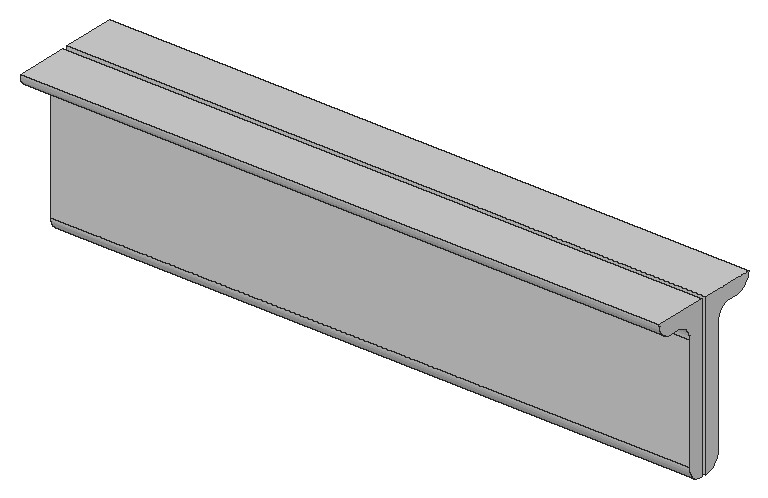
Revit family "56c070b98b2d4c0d804457c9f6880bf3", category Structural Framing, Revit 2021
Family settings
  Structural Framing Length Roundoff = 0' - 0"
  Section Shape = Not Defined
  Material for Model Behavior = Steel
  Always export as geometry = No
  OmniClass Number = 23.25.30.11.14.14
  OmniClass Title = Beams
  Seek Item ID = LL-Double Angle-0000-USA-ENU
  Always vertical = Yes
  Cut with Voids When Loaded = No
  Symbolic Representation = From Project Settings
  Shared = No
  Show family pre-cut in plan views = Yes
Parameters (values of type "2L8X4X1/2LLBB")
  W = 39.5
  Structural Material [instance] = Steel ASTM A36
  Assembly Code = "B10"
  Legs = "LLBB"
  Length [instance] = 5' - 0"
  Space = 0' - 0 3/8"
  b = 0' - 4"
  d = 1' - 0"
  t = 0' - 1 1/8"
  y = 0' - 2 51/128"
  A = 11.60 in²
Types (2): name | W | Legs | Space | b | d | t | y | A
  2L8X8X1 | 103 | "Equal" | 0' - 0" | 0' - 8" | 0' - 8" | 0' - 1" | 0' - 2 23/64" | 30.20 in²
  2L8X4X1/2LLBB | 39.5 | "LLBB" | 0' - 0 3/8" | 0' - 4" | 1' - 0" | 0' - 1 1/8" | 0' - 2 51/128" | 11.60 in²
Reference planes (in)
  plane 1 "Center (Front/Back)": y = 0
  plane 2: z = 0
  plane 3 "Center (Left/Right)": x = 0.1815
  plane 4 "Member Left": x = -23.8185
  plane 5 "Member Right": x = 24.1815
  plane 6: y = 4.1875
  plane 7: y = -4.1875
  plane 8 "Top": z = 2.39844
  plane 9: z = -9.60156
  plane 10: y = 0.1875
  plane 11: y = -0.1875
  plane 12 "Left": x = -29.8185
  plane 13 "Right": x = 30.1815
Forms (in)
  Sweep 1, solid, material "Steel ASTM A36" <- "Structural Material", detail levels fine
    path origin (0, 0, 0) x (1, 0, 0) y (0, 1, 0)
      loop
        line (24.1815, 0) -> (-23.8185, 0)
    profile "2L-Angle-Profile-Fine : 2L-Angle-Profile-Fine" origin (0.1815, 0, 0) x (0, -1, 0) y (0, 0, 1)
      loop
        arc (0.1875, -9.60156) -> (0.983, -9.27206) -> (1.3125, -8.47656) r 1.125
        line (1.3125, -8.47656) -> (1.3125, 0.14844)
        arc (1.3125, 0.14844) -> (1.642, 0.94393) -> (2.4375, 1.27344) r 1.125
        line (2.4375, 1.27344) -> (3.0625, 1.27344)
        arc (3.0625, 1.27344) -> (3.858, 1.60294) -> (4.1875, 2.39844) r 1.125
        line (4.1875, 2.39844) -> (0.1875, 2.39844) -> (0.1875, -9.60156)
  Sweep 2, solid, material "Steel ASTM A36" <- "Structural Material", detail levels fine
    path origin (0, 0, 0) x (1, 0, 0) y (0, 1, 0)
      loop
        line (24.1815, 0) -> (-23.8185, 0)
    profile "2L-Angle-Profile-Fine : 2L-Angle-Profile-Fine" origin (0.1815, 0, 0) x (0, -1, 0) y (0, 0, 1)
      loop
        line (-0.1875, -9.60156) -> (-0.1875, 2.39844) -> (-4.1875, 2.39844)
        arc (-4.1875, 2.39844) -> (-3.858, 1.60294) -> (-3.0625, 1.27344) r 1.125
        line (-3.0625, 1.27344) -> (-2.4375, 1.27344)
        arc (-2.4375, 1.27344) -> (-1.642, 0.94393) -> (-1.3125, 0.14844) r 1.125
        line (-1.3125, 0.14844) -> (-1.3125, -8.47656)
        arc (-1.3125, -8.47656) -> (-0.983, -9.27206) -> (-0.1875, -9.60156) r 1.125
  Sweep 3, solid, material "Steel ASTM A36" <- "Structural Material", detail levels medium
    path origin (0, 0, 0) x (1, 0, 0) y (0, 1, 0)
      loop
        line (24.1815, 0) -> (-23.8185, 0)
    profile "2L-Angle-Profile-Medium : 2L-Angle-Profile-Medium" origin (0.1815, 0, 0) x (0, -1, 0) y (0, 0, 1)
      loop
        line (0.1875, -9.60156) -> (1.3125, -9.60156) -> (1.3125, 1.27344) -> (4.1875, 1.27344) -> (4.1875, 2.39844) -> (0.1875, 2.39844) -> (0.1875, -9.60156)
  Sweep 4, solid, material "Steel ASTM A36" <- "Structural Material", detail levels medium
    path origin (0, 0, 0) x (1, 0, 0) y (0, 1, 0)
      loop
        line (24.1815, 0) -> (-23.8185, 0)
    profile "2L-Angle-Profile-Medium : 2L-Angle-Profile-Medium" origin (0.1815, 0, 0) x (0, -1, 0) y (0, 0, 1)
      loop
        line (-0.1875, -9.60156) -> (-0.1875, 2.39844) -> (-4.1875, 2.39844) -> (-4.1875, 1.27344) -> (-1.3125, 1.27344) -> (-1.3125, -9.60156) -> (-0.1875, -9.60156)
Lines and regions (in)
  symbolic lines, style "Hidden Faces", detail levels medium+fine
    curve 1: line (-23.8185, 1.3125, 0) -> (24.1815, 1.3125, 0)
    curve 2: line (-23.8185, -1.3125, 0) -> (24.1815, -1.3125, 0)
  symbolic lines, style "Stick Symbols", detail levels coarse
    curve 3: line (0.1815, 4.1875, 2.39844) -> (0.1815, 0.1875, 2.39844)
    curve 4: line (0.1815, -0.1875, 2.39844) -> (0.1815, -4.1875, 2.39844)
    curve 5: line (0.1815, -0.1875, -9.60156) -> (0.1815, -0.1875, 2.39844)
    curve 6: line (0.1815, 0.1875, -9.60156) -> (0.1815, 0.1875, 2.39844)
Dimensions and locks (in)
  "d": plane 9 to plane 8 "Top"
  "y": plane 8 "Top" to plane 2
  equal spacing: plane 10, plane 1 "Center (Front/Back)", plane 11
  "b": plane 11 to plane 7
  "b": plane 6 to plane 10
  "Space": plane 10 to plane 11
  "Length": plane 12 "Left" to plane 13 "Right"
  "t": plane 10 to curve 1
  "t": plane 11 to curve 2
  aligned and locked: Sweep 1 sketch curve to plane 1 "Center (Front/Back)"
  aligned and locked: Sweep 2 sketch curve to plane 1 "Center (Front/Back)"
  aligned and locked: Sweep 3 sketch curve to plane 1 "Center (Front/Back)"
  aligned and locked: Sweep 4 sketch curve to plane 1 "Center (Front/Back)"
  aligned and locked: Sweep 4 to curve 3
  aligned and locked: curve 4 to Sweep 3
  aligned and locked: curve 3 to Sweep 4
  aligned and locked: Sweep 3 to curve 4
  aligned and locked: plane 10 to curve 3
  aligned and locked: plane 11 to curve 4
  aligned and locked: Sweep 4 to curve 6
  aligned and locked: curve 5 to Sweep 3
  aligned and locked: plane 8 "Top" to curve 6
  aligned and locked: plane 9 to curve 5
  aligned and locked: plane 9 to curve 6
  aligned and locked: plane 4 "Member Left" to Sweep 4 sketch curve
  aligned and locked: plane 5 "Member Right" to Sweep 4 sketch curve
  aligned and locked: plane 4 "Member Left" to Sweep 2 sketch curve
  aligned and locked: plane 5 "Member Right" to Sweep 2 sketch curve
  aligned and locked: plane 4 "Member Left" to Sweep 3 sketch curve
  aligned and locked: plane 5 "Member Right" to Sweep 3 sketch curve
  aligned and locked: plane 4 "Member Left" to Sweep 1 sketch curve
  aligned and locked: plane 5 "Member Right" to Sweep 1 sketch curve
  aligned and locked: plane 4 "Member Left" to curve 1
  aligned and locked: plane 4 "Member Left" to curve 2
  aligned and locked: plane 5 "Member Right" to curve 2
  aligned and locked: plane 5 "Member Right" to curve 1
